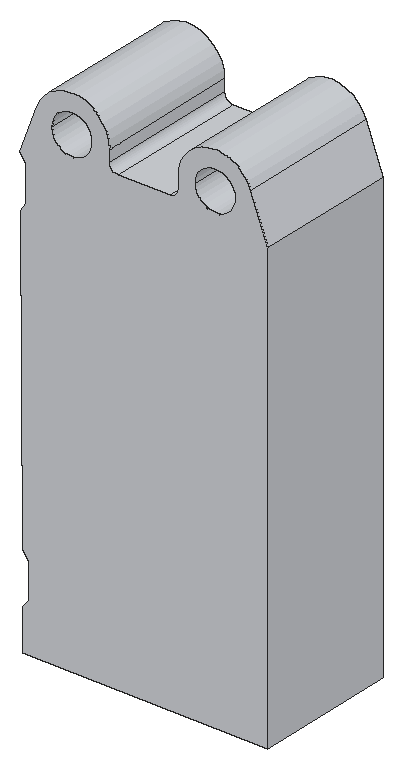
Revit family "PRD_FrankeWS_PrtctvSwtchs_CircuitBreaker_ZAQUA026", category Electrical Fixtures, Revit 2018
Family settings
  Maintain Annotation Orientation = No
  Round Connector Dimension = Use Diameter
  Part Type = Normal
  OmniClass Number = 23.80.40.14
  OmniClass Title = Circuit Breakers
  Work Plane-Based = No
  Always vertical = No
  Cut with Voids When Loaded = No
  Shared = No
  Room Calculation Point = No
Parameters (values of type "ZAQUA026")
  WarrantyStartDate [instance] = "1900-12-31T23:59:59"
  WarrantyGuarantorParts = "n/a"
  WarrantyGuarantorLabor = "n/a"
  WarrantyDurationUnit = "year"
  WarrantyDurationParts = "n/a"
  WarrantyDurationLabor = "n/a"
  WarrantyDescription = "n/a"
  Voltage = 230 V
  Version = "1"
  Uniclass2015Version = "Products v1.17"
  Uniclass2015Title = "Protective switches"
  Uniclass2015Code = "Pr_75_75_42_67"
  URL = "www.kwc.com"
  TagNumber [instance] = "n/a"
  SustainabilityPerformance = "n/a"
  Size = "n/a"
  Shape = "n/a"
  SerialNumber [instance] = "n/a"
  Revision = "n/a"
  ReplacementCost = "n/a"
  RatedVoltage = 230 V
  RatedCurrent = 10 A
  ProductInformation = "https://pim.kwc.com/product/2000101173/attachment/datasheet?locale=en"
  PowerSwitch = "Yes"
  PowerFactor = 1
  NumberOfPoles = 0
  NominalWidth = 0 mm
  NominalHeight = 0 mm
  NominalFrequencyRange = 0 Hz
  NominalDepth = 0 mm
  NetWeight = 0.25 kg
  Name = "Circuit breaker ZAQUA026"
  NBSTypeID = "n/a"
  NBSReference = "90-75-40/370"
  NBSOfficeMasterTag = "n/a"
  NBSNote = "n/a"
  NBSDescription = "Protective switches"
  NBSCertification = "n/a"
  ModelReference = "ZAQUA026"
  ModelNumber = "2000101173"
  Model = ModelReference  # "ZAQUA026"
  Material = "n/a"
  ManufacturerURL = "www.kwc.com"
  ManufacturerName = "KWC Group AG"  # constant formula
  Manufacturer = ManufacturerName  # "KWC Group AG"
  IntegralAccessories = "n/a"
  InsulationStandardClass = "n/a"
  InstallationDate [instance] = "1900-12-31T23:59:59"
  InputSupplyVoltageV = "230.00 volt"
  IfcExportType = "USERDEFINED"
  IfcExportAs = "IfcDistributionElement"
  IP_Code = "n/a"
  IK_Code = "n/a"
  HasProtectiveEarth = "0"
  GrossWeight = 0.30 kg
  Grade = "n/a"
  Finish = "n/a"
  Features = "with 2 switched outputs for controlling 2 separate devices, with maximum power rating 10 A - 230 V AC"
  ExpectedLife = "n/a"
  DurationUnit = "year"
  Description = "Power switch - A3000 open, for electronic module. Facilitates switching external loads, e.g. fans. With 2 switched outputs for controlling 2 separate devices, with maximum power rating 10 A - 230 V AC."
  Current = 10 A
  CreatedOn = "04/2021"  # constant formula
  Constituents = "n/a"
  ConductorFunction = "n/a"
  Communication = "No"
  Color = "n/a"
  CodePerformance = "n/a"
  Category = "Pr_75_75_42_67, Protective switches"
  BodyMaterial = none
  BarCode [instance] = "n/a"
  BIMObjectName = "PRD_AR_ProtectiveSwitches_CircuitBreaker_ZAQUA026"
  Author = "Archispace"  # constant formula
  AssetType = "Fixed"
  AssetIdentifier [instance] = "n/a"
  ApparentLoad = 0 VA
  AccessibilityPerformance = "n/a"
Reference planes
  plane 1 "Center (Front/Back)": y = 0
  plane 2: z = 0
  plane 3 "Center (Left/Right)": x = 0
Forms (mm)
  Extrusion 1, solid, material <- "BodyMaterial", detail levels fine
    sketch origin (0, 0, 0) x (1, 0, 0) y (0, 0, 1)
      loop
        line (21.528, 78) -> (18.615, 86.005)
        arc (18.615, 86.005) -> (11.374, 90.185) -> (6, 83.781) r 6.503
        line (6, 83.781) -> (6, 81.764)
        arc (6, 81.764) -> (5.571, 80.729) -> (4.536, 80.3) r 1.464
        line (4.536, 80.3) -> (-4.5, 80.3)
        arc (-4.5, 80.3) -> (-5.561, 80.739) -> (-6, 81.8) r 1.5
        line (-6, 81.8) -> (-6, 83.769)
        arc (-6, 83.769) -> (-11.376, 90.176) -> (-18.619, 85.994) r 6.505
        line (-18.619, 85.994) -> (-21.528, 78) -> (-20.518, 76.449) -> (-20.475, 70.165) -> (-21.466, 68.746) -> (-21.109, 16.054) -> (-20.099, 14.648) -> (-20.057, 8.465) -> (-21.048, 7.046) -> (-21, 0) -> (21.528, 0) -> (21.528, 78)
      loop
        circle (12.5, 83.8) r 3.5
      loop
        circle (-12.5, 83.8) r 3.5
    from 12.5 to -12.5
  Extrusion 2, solid, material <- "BodyMaterial", detail levels coarse+medium
    sketch origin (0, 0, 0) x (1, 0, 0) y (0, 0, 1)
      loop
        line (-21.528, 0) -> (21.528, 0) -> (21.528, 90.275) -> (-21.528, 90.275) -> (-21.528, 0)
    from -12.5 to 12.5
Dimensions and locks
  aligned and locked: level to plane 2
Connectors
  electrical at (0.264, 0, 0), driven by "Voltage", driven by "ApparentLoad", driven by "PowerFactor", driven by "InputSupplyVoltageV"
    settings: on Extrusion 1, index 1, voltage 230 V, apparent load 0 VA, apparent load phase1 0 VA, apparent load phase2 0 VA, apparent load phase3 0 VA, power factor 1, load classification "Power", number of poles 1, system type 30, power factor state 1, is connector primary yes, connector utility no, sub classification motor no, connector description "230.00 volt"
